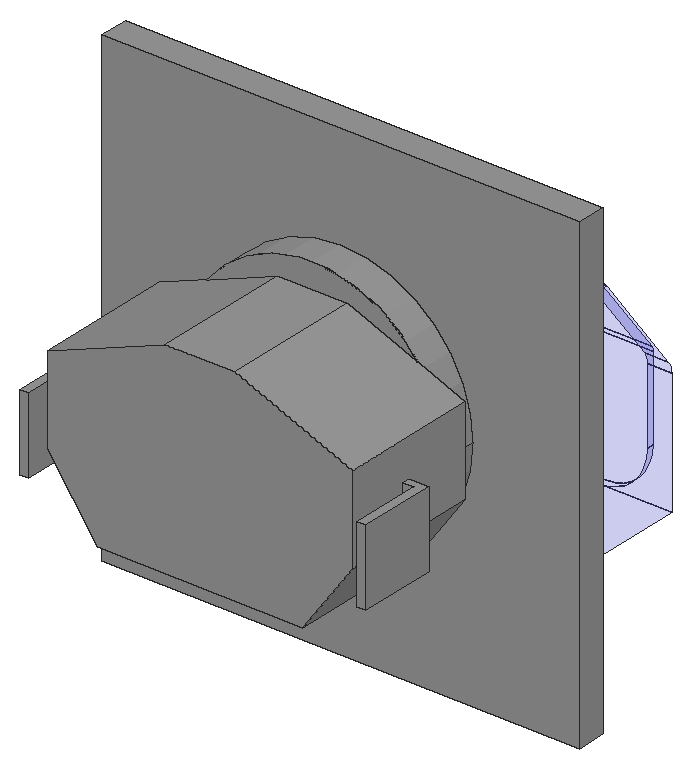
Revit family "IEK_РозеткаСетевая_Встраиваемая_С ЗК ЗШ и Кр16А одноместная IP44_ВЕГА", category Электрические приборы, Revit 2019
Family settings
  Сохранять ориентацию аннотаций = Да
  Размер круглого соединителя = Использовать диаметр
  Тип детали = Нормальный
  На основе рабочей плоскости = Нет
  Всегда вертикально = Да
  При загрузке вырезать с полостями = Нет
  Общий = Нет
  Точка расчета площади = Нет
Parameters (values of type "РСбш10-3-ВБ")
  Ширина = 81.5 mm  # constant formula
  Тип монтажа = "Скрытый монтаж (в штукатурку)"  # constant formula
  Степень защиты = "IP44"  # constant formula
  Изготовитель = "IEK"  # constant formula
  Дата изменения = ""
  Глубина = 53.3 mm  # constant formula
  Высота = 81 mm  # constant formula
  ΔХ [instance] = 2000 mm
  ΔY [instance] = 2000 mm
  KSI_CPr_Строительные изделия = "20.4.03.04 20.4.03.05 20.4.03.06"  # constant formula
  KSI_CMa_Строительные материалы = "01.7.14.03"  # constant formula
  IEK_Цена за единицу = 179.74
  IEK_Поиск в таблице имен = ""
  IEK_Описание = "Электроустановочные изделия серии \"ВЕГА\" IEK включают в себя розетки и выключатели для скрытого монтажа, которые хорошо впишутся в любой интерьер квартир, загородных домов, офисных и производственных помещений."
  IEK_URL = "https://www.iek.ru/products/catalog/izdeliya_elektroustanovochnye_udliniteli_i_silovye_razemy/elektroustanovochnye_izdeliya/elektroustanovochnye_izdeliya_skrytogo_montazha/elektroustanovochnye_izdeliya_vega/rozetka_1_mestnaya_rsbsh10_3_vb_s_zazemlyayushchim_kontaktom_s_zashchitnoy_shtorkoy_i_kryshkoy_16a_ip44_vega_belyy_iek"
  ADSK_Ток [instance] = 16 A
  ADSK_Примечание = ""
  ADSK_Полная мощность [instance] = ADSK_Номинальная мощность / ADSK_Коэффициент мощности  # 3520 VA
  ADSK_Позиция [instance] = ""
  ADSK_Номинальная мощность [instance] = ADSK_Ток * ADSK_Напряжение * sqrt(ADSK_Количество фаз числовое) * ADSK_Коэффициент мощности  # 3520 W
  ADSK_Напряжение = 220 V
  ADSK_Наименование = "Розетка 1-местная РСбш10-3-ВБ с заземляющим контактом с защитной шторкой и крышкой 16А IP44 ВЕГА белый IEK"
  ADSK_Материал обозначение = ""
  ADSK_Материал наименование = "Пластик"  # constant formula
  ADSK_Материал = Цвет белый
  ADSK_Масса = 0.065
  ADSK_Марка = "ВЕГА"  # constant formula
  ADSK_Коэффициент мощности [instance] = 1  # constant formula
  ADSK_Количество фаз числовое = 1
  ADSK_Количество фаз = 1
  ADSK_Код изделия = "ERV16-K01-16-DM"
  ADSK_Классификация нагрузок [instance] = Прочее
  ADSK_Завод-изготовитель = "IEK"  # constant formula
  ADSK_Единица измерения = "шт"  # constant formula
  ADSK_Группирование = "III ЭЛЕКТРОУСТАНОВОЧНЫЕ И ЭЛЕКТРОМОНТАЖНЫЕ ИЗДЕЛИЯ"  # constant formula
  ADSK_Версия семейства = "1.0"  # constant formula
  ADSK_Версия Revit = "2019"  # constant formula
  ADSK_URL страницы изделия = "https://www.iek.ru/products/catalog/izdeliya_elektroustanovochnye_udliniteli_i_silovye_razemy/elektroustanovochnye_izdeliya/elektroustanovochnye_izdeliya_skrytogo_montazha/elektroustanovochnye_izdeliya_vega/?pagec=100"
Reference planes
  plane 1 "По центру (Вперед/Назад)": y = 0
  plane 2: z = 0
  plane 3 "По центру (Влево/Вправо)": x = 0
  plane 4 "Высота ножек": z = 280
  plane 5 "Высота": z = 2081.496
  plane 6: x = -2000
  plane 7: y = 2000
Forms (mm)
  Extrusion 1, solid, material "Цвет белый" <- "ADSK_Материал", detail levels fine
    sketch origin (0, 0, 40.25) x (-1, 0, 0) y (0, 0, 1)
      loop
        line (-17.5, -16.75) -> (17.5, -16.75) -> (26, -4.75) -> (26, 10.25) -> (6, 18.25) -> (-6, 18.25) -> (-26, 10.25) -> (-26, -4.75) -> (-17.5, -16.75)
    from -6 to -30
  Extrusion 2, solid, material "Цвет белый" <- "ADSK_Материал", detail levels fine
    sketch origin (0, 0, 40.25) x (-1, 0, 0) y (0, 0, 1)
      loop
        line (-40.75, 40.25) -> (-40.75, -40.25) -> (40.75, -40.25) -> (40.75, 40.25) -> (-40.75, 40.25)
    from 0 to 14.038
  Revolve 3, solid, material "Цвет белый" <- "ADSK_Материал", detail levels fine
    sketch origin (0, 0, 40.25) x (0, 0, 1) y (0, 1, 0)
      loop
        line (19.023, -3.016) -> (21.005, -3.016) -> (21.005, 13.189)
        arc (21.005, 13.189) -> (20.014, 14.18) -> (19.023, 13.189) r 0.991
        line (19.023, 13.189) -> (19.023, -3.016)
      axis (0, 13.189) -> (0, -3.016)
    angle from 0 to 360
  Extrusion 4, void
    sketch origin (0, 0, 40.25) x (-1, 0, 0) y (0, 0, 1)
      loop
        circle (0, 0) r 19.023
    from -3.016 to 18.875
  Extrusion 5, void
    sketch origin (0, 0, 40.25) x (-1, 0, 0) y (0, 0, 1)
      loop
        circle (9.491, 0) r 2.768
      loop
        circle (-9.491, 0) r 2.768
      loop
        circle (0, 0) r 2.768
    from 10.491 to -16
  Extrusion 6, void
    sketch origin (-0.786, 0, 40.25) x (0, 0, -1) y (0, -1, 0)
      loop
        spline (40.25, -5) -> (38.349, -6.53) -> (36.302, -7.861) -> (34.142, -9.01) -> (31.901, -9.995) -> (29.61, -10.832) -> (27.303, -11.54) -> (25.011, -12.136) -> (22.767, -12.637) -> (20.603, -13.06) -> (18.551, -13.423) -> (16.643, -13.743) -> (14.912, -14.038)
        line (14.912, -14.038) -> (11.84, -14.038) -> (11.84, -18.875) -> (40.25, -18.875) -> (40.25, -5)
    from -55.184 to 53.611
  Extrusion 7, void
    sketch origin (-0.786, 0, 40.25) x (0, 0, 1) y (0, 1, 0)
      loop
        line (40.25, 5) -> (40.25, 18.875) -> (11.84, 18.875) -> (11.84, 14.038) -> (14.912, 14.038)
        spline (14.912, 14.038) -> (16.643, 13.743) -> (18.551, 13.423) -> (20.603, 13.06) -> (22.767, 12.637) -> (25.011, 12.136) -> (27.303, 11.54) -> (29.61, 10.832) -> (31.901, 9.995) -> (34.142, 9.01) -> (36.302, 7.861) -> (38.349, 6.53) -> (40.25, 5)
    from -55.184 to 53.611
  Extrusion 8, solid, material "Латунь", detail levels fine
    sketch origin (0, 0, 40.25) x (0, 0, 1) y (0, 1, 0)
      loop
        line (-19.235, -3.503) -> (-18.583, -3.052) -> (-14.622, 5.441)
        arc (-14.622, 5.441) -> (-14.418, 6.769) -> (-14.959, 7.998) r 2.4
        line (-14.959, 7.998) -> (-17.051, 10.491) -> (-18, 11) -> (-15.265, 7.741)
        arc (-15.265, 7.741) -> (-14.815, 6.717) -> (-14.985, 5.61) r 2
        line (-14.985, 5.61) -> (-19.235, -3.503)
      loop
        line (19.235, -3.503) -> (14.985, 5.61)
        arc (14.985, 5.61) -> (14.815, 6.717) -> (15.265, 7.741) r 2
        line (15.265, 7.741) -> (18, 11) -> (17.051, 10.491) -> (14.959, 7.998)
        arc (14.959, 7.998) -> (14.418, 6.769) -> (14.622, 5.441) r 2.4
        line (14.622, 5.441) -> (18.583, -3.052) -> (19.235, -3.503)
    from -1 to 1
  Extrusion 9, solid, material "Цвет белый" <- "ADSK_Материал", detail levels fine
    sketch origin (0, 0, 40.25) x (-1, 0, 0) y (0, 0, 1)
      loop
        circle (0, 0) r 22.477
    from 0.604 to -6
  Extrusion 10, solid, material "Цвет белый" <- "ADSK_Материал", detail levels fine
    sketch origin (0, 0, 40.25) x (-1, 0, 0) y (0, 0, 1)
      loop
        line (-28.5, 24.5) -> (-28.5, 20.2) -> (-24.5, 20.2) -> (-24.5, 24.5) -> (-28.5, 24.5)
      loop
        line (24.5, 24.5) -> (24.5, 20.2) -> (28.5, 20.2) -> (28.5, 24.5) -> (24.5, 24.5)
    from 10.491 to 15.5
  Extrusion 11, solid, material "Цвет белый" <- "ADSK_Материал", detail levels fine
    sketch origin (0, 0, 40.25) x (0, 1, 0) y (-1, 0, 0)
      loop
        line (-31.5, -28) -> (-31.5, -29.5) -> (-18, -29.5) -> (-18, -26) -> (-19.5, -26) -> (-19.5, -28) -> (-31.5, -28)
      loop
        line (-31.5, 29.5) -> (-31.5, 28) -> (-19.5, 28) -> (-19.5, 26) -> (-18, 26) -> (-18, 29.5) -> (-31.5, 29.5)
    from -9.25 to 3.75
  Extrusion 12, void
    sketch origin (0.536, 0, 41.389) x (1, 0, 0) y (0, 1, 0)
      loop
        line (40.25, 5) -> (40.25, 18.875) -> (11.84, 18.875) -> (11.84, 14.038) -> (14.912, 14.038)
        spline (14.912, 14.038) -> (16.643, 13.743) -> (18.551, 13.423) -> (20.603, 13.06) -> (22.767, 12.637) -> (25.011, 12.136) -> (27.303, 11.54) -> (29.61, 10.832) -> (31.901, 9.995) -> (34.142, 9.01) -> (36.302, 7.861) -> (38.349, 6.53) -> (40.25, 5)
      loop
        spline (-41.322, 5) -> (-39.421, 6.53) -> (-37.374, 7.861) -> (-35.214, 9.01) -> (-32.973, 9.995) -> (-30.683, 10.832) -> (-28.375, 11.54) -> (-26.084, 12.136) -> (-23.84, 12.637) -> (-21.675, 13.06) -> (-19.623, 13.423) -> (-17.715, 13.743) -> (-15.984, 14.038)
        line (-15.984, 14.038) -> (-12.913, 14.038) -> (-12.913, 18.875) -> (-41.322, 18.875) -> (-41.322, 5)
    from -55.184 to 53.611
  Extrusion 13, void
    sketch origin (0, 0, 0) x (1, 0, 0) y (0, 0, 1)
      loop
        line (-24.3, 64.75) -> (-24.3, 59.75) -> (-28.5, 59.75) -> (-28.5, 16.25) -> (-10, 16.25) -> (28.5, 16.25) -> (28.5, 59.75) -> (24.3, 59.75) -> (24.3, 64.75) -> (-24.3, 64.75)
    from -10.491 to -39.95
  Extrusion 14, solid, material "Стекло", detail levels fine
    sketch origin (0, 0, 0) x (1, 0, 0) y (0, 0, 1)
      loop
        line (-24.3, 64.75) -> (-24.3, 59.75) -> (-28.5, 59.75) -> (-28.5, 16.25) -> (-10, 16.25)
        arc (-10, 16.25) -> (0, 12.765) -> (10, 16.25) r 16.089
        line (10, 16.25) -> (28.5, 16.25) -> (28.5, 59.75) -> (24.3, 59.75) -> (24.3, 64.75) -> (-24.3, 64.75)
    from -10.491 to -37.5
  Extrusion 15, void
    sketch origin (0, 0, 0) x (0, 1, 0) y (0, 0, 1)
      loop
        line (17.816, 63.893) -> (36.202, 39.707)
        arc (36.202, 39.707) -> (36.414, 39.307) -> (36.488, 38.86) r 1.399
        line (36.488, 38.86) -> (36.488, 16.25) -> (37.5, 12.765) -> (37.5, 64.75) -> (16.088, 64.75)
        arc (16.088, 64.75) -> (17.052, 64.524) -> (17.816, 63.893) r 2.17
      loop
        line (34.282, 16.25) -> (10.491, 16.25) -> (10.491, 12.765) -> (37.006, 12.765) -> (35.994, 16.25) -> (34.282, 16.25)
    from -32.141 to 31.911
  Extrusion 16, void
    sketch origin (0, 0, 0) x (0, 1, 0) y (0, 0, 1)
      loop
        line (12.423, 59.75) -> (17.32, 59.235)
        arc (17.32, 59.235) -> (19.601, 58.505) -> (21.401, 56.926) r 5.88
        line (21.401, 56.926) -> (34.501, 39.542)
        arc (34.501, 39.542) -> (34.987, 38.618) -> (35.155, 37.588) r 3.247
        line (35.155, 37.588) -> (35.155, 18.674) -> (35.155, 16.25) -> (36.488, 16.25) -> (36.488, 38.86)
        arc (36.488, 38.86) -> (36.414, 39.307) -> (36.202, 39.707) r 1.399
        line (36.202, 39.707) -> (20.965, 59.75) -> (12.423, 59.75)
    from 24.3 to 31.13
  Extrusion 17, void
    sketch origin (0, 0, 0) x (0, 1, 0) y (0, 0, -1)
      loop
        line (12.423, -59.75) -> (20.965, -59.75) -> (36.202, -39.707)
        arc (36.202, -39.707) -> (36.414, -39.307) -> (36.488, -38.86) r 1.399
        line (36.488, -38.86) -> (36.488, -16.25) -> (35.155, -16.25) -> (35.155, -18.674) -> (35.155, -37.588)
        arc (35.155, -37.588) -> (34.987, -38.618) -> (34.501, -39.542) r 3.247
        line (34.501, -39.542) -> (21.401, -56.926)
        arc (21.401, -56.926) -> (19.601, -58.505) -> (17.32, -59.235) r 5.88
        line (17.32, -59.235) -> (12.423, -59.75)
    from 24.3 to 31.13
  Extrusion 18, void
    sketch origin (0, 0, 0) x (1, 0, 0) y (0, 0, 1)
      loop
        line (15.924, 16.25) -> (15.924, 12.765) -> (28.5, 12.765) -> (28.5, 24.626) -> (24.3, 24.626)
        arc (24.3, 24.626) -> (21.847, 18.703) -> (15.924, 16.25) r 8.376
      loop
        arc (-15.924, 16.25) -> (-21.847, 18.703) -> (-24.3, 24.626) r 8.376
        line (-24.3, 24.626) -> (-28.5, 24.626) -> (-28.5, 12.765) -> (-15.924, 12.765) -> (-15.924, 16.25)
    from -35.155 to -44.647
  Extrusion 19, solid, material "По умолчанию", detail levels coarse
    sketch origin (0, 0, 0) x (1, 0, 0) y (0, 1, 0)
      loop
        line (40.75, -31.5) -> (40.75, 37.5) -> (-40.75, 37.5) -> (-40.75, -31.5) -> (40.75, -31.5)
    from 0 to 81
  Extrusion 20, solid, material "По умолчанию", detail levels medium
    sketch origin (0, 0, 0) x (1, 0, 0) y (0, 1, 0)
      loop
        line (-40.75, 37.5) -> (-40.75, -31.5) -> (40.75, -31.5) -> (40.75, 37.5) -> (-40.75, 37.5)
    from 0 to 81
  Extrusion 21, solid, material "Цвет металл", detail levels fine
    sketch origin (0, 0, 0) x (1, 0, 0) y (0, 0, 1)
      loop
        circle (0, 40.25) r 2.471
    from 6 to 0
  Extrusion 22, void
    sketch origin (0, 0, 0) x (1, 0, 0) y (0, 0, 1)
      loop
        arc (0.826, 42.579) -> (0, 42.721) -> (-0.826, 42.579) r 2.471
        line (-0.826, 42.579) -> (-0.826, 41.023) -> (-2.347, 41.023)
        arc (-2.347, 41.023) -> (-2.471, 40.25) -> (-2.347, 39.477) r 2.471
        line (-2.347, 39.477) -> (-0.826, 39.477) -> (-0.826, 37.921)
        arc (-0.826, 37.921) -> (0, 37.779) -> (0.826, 37.921) r 2.471
        line (0.826, 37.921) -> (0.826, 39.477) -> (2.347, 39.477)
        arc (2.347, 39.477) -> (2.471, 40.25) -> (2.347, 41.023) r 2.471
        line (2.347, 41.023) -> (0.826, 41.023) -> (0.826, 42.579)
    from 0.798 to -2.927
Cuts and joins
  Extrusion 4, Extrusion 5, Extrusion 6, Extrusion 7, Extrusion 12, Extrusion 13, Extrusion 18 cuts Extrusion 2
  Extrusion 5, Extrusion 13, Extrusion 22 cuts Extrusion 1
  Extrusion 5, Extrusion 16 cuts Revolve 3
  Extrusion 5, Extrusion 13 cuts Extrusion 9
  Extrusion 13 cuts Extrusion 8
  Extrusion 13 cuts Extrusion 11
  Extrusion 15, Extrusion 16, Extrusion 17, Extrusion 18 cuts Extrusion 14
  Extrusion 22 cuts Extrusion 19
  Extrusion 22 cuts Extrusion 20
  Extrusion 22 cuts Extrusion 21
Lines and regions (mm)
  reference lines
    curve 1: line (0, 44.647, 0) -> (0, -55.353, 0)
    curve 2: line (-23.829, 0, 0) -> (76.171, 0, 0)
Dimensions and locks
  locked: plane 4 "Высота ножек" to plane 2 at 280
  plane 5 "Высота" to plane 4 "Высота ножек" = 1801.496 mm
  "ΔХ": plane 6 to curve 1
  "ΔY": plane 7 to curve 2
  aligned and locked: level to plane 2
  aligned and locked: nested 1 to curve 1
  aligned and locked: curve 2 to nested 1
Automatic sketch dimensions
  plane 3 "По центру (Влево/Вправо)" to Extrusion 1 sketch curve = 26 mm
  Extrusion 1 sketch curve to Extrusion 1 sketch curve = 8.5 mm
  plane 3 "По центру (Влево/Вправо)" to Extrusion 1 sketch curve = 6 mm
  Extrusion 1 sketch curve to plane 3 "По центру (Влево/Вправо)" = 6 mm
  Extrusion 1 sketch curve to plane 3 "По центру (Влево/Вправо)" = 17.5 mm
  Extrusion 1 sketch curve to Extrusion 1 sketch curve = 20 mm
  level to Extrusion 1 sketch curve = 23.5 mm
  Extrusion 1 sketch curve to Extrusion 1 sketch curve = 12 mm  (x2)
  Extrusion 1 sketch curve to Extrusion 1 sketch curve = 15 mm  (x2)
  Extrusion 1 sketch curve to Extrusion 1 sketch curve = 8 mm
  Extrusion 2 sketch curve to level = 0 mm
  plane 3 "По центру (Влево/Вправо)" to Extrusion 2 sketch curve = 40.75 mm
  Extrusion 2 sketch curve to plane 3 "По центру (Влево/Вправо)" = 40.75 mm
  level to Extrusion 2 sketch curve = 80.5 mm
  Revolve 3 sketch curve to plane 1 "По центру (Вперед/Назад)" = 13.189 mm
  level to Revolve 3 sketch curve = 59.273 mm
  Revolve 3 sketch curve to Revolve 3 sketch curve = 0.991 mm
  plane 1 "По центру (Вперед/Назад)" to Revolve 3 sketch curve = 3.016 mm
  level to Revolve 3 sketch curve = 40.25 mm
  Revolve 3 sketch curve to Revolve 3 sketch curve = 606.584 mm
  plane 7 to Revolve 3 sketch curve = 343.807 mm
  Extrusion 4 sketch curve to plane 3 "По центру (Влево/Вправо)" = 0 mm
  level to Extrusion 4 sketch curve = 40.25 mm
  Extrusion 6 sketch curve to level = 0 mm
  level to Extrusion 6 sketch curve = 25.338 mm
  Extrusion 6 sketch curve to Extrusion 6 sketch curve = 3.071 mm
  Extrusion 6 sketch curve to plane 1 "По центру (Вперед/Назад)" = 18.875 mm
  Extrusion 6 sketch curve to Extrusion 6 sketch curve = 4.837 mm
  Extrusion 6 sketch curve to plane 1 "По центру (Вперед/Назад)" = 5 mm
  Extrusion 7 sketch curve to plane 1 "По центру (Вперед/Назад)" = 18.875 mm
  level to Extrusion 7 sketch curve = 52.09 mm
  Extrusion 7 sketch curve to plane 1 "По центру (Вперед/Назад)" = 14.038 mm
  Extrusion 7 sketch curve to Extrusion 7 sketch curve = 3.071 mm
  Extrusion 7 sketch curve to plane 1 "По центру (Вперед/Назад)" = 5 mm
  Extrusion 7 sketch curve to Extrusion 7 sketch curve = 25.338 mm
  Extrusion 8 sketch curve to Extrusion 8 sketch curve = 0 mm  (x4)
  plane 1 "По центру (Вперед/Назад)" to Extrusion 8 sketch curve = 3.503 mm  (x2)
  level to Extrusion 8 sketch curve = 21.015 mm
  plane 1 "По центру (Вперед/Назад)" to Extrusion 8 sketch curve = 3.052 mm  (x2)
  Extrusion 8 sketch curve to Extrusion 8 sketch curve = 0.652 mm  (x2)
  Extrusion 8 sketch curve to plane 1 "По центру (Вперед/Назад)" = 11 mm  (x2)
  Extrusion 8 sketch curve to Extrusion 8 sketch curve = 0.583 mm
  Extrusion 8 sketch curve to plane 1 "По центру (Вперед/Назад)" = 10.491 mm  (x2)
  Extrusion 8 sketch curve to Extrusion 8 sketch curve = 0.949 mm  (x2)
  Extrusion 8 sketch curve to Extrusion 8 sketch curve = 0.253 mm
  Extrusion 8 sketch curve to plane 1 "По центру (Вперед/Назад)" = 7.741 mm  (x2)
  Extrusion 8 sketch curve to Extrusion 8 sketch curve = 1.532 mm  (x2)
  Extrusion 8 sketch curve to plane 1 "По центру (Вперед/Назад)" = 5.61 mm  (x2)
  Extrusion 8 sketch curve to Extrusion 8 sketch curve = 1.813 mm
  Extrusion 8 sketch curve to plane 1 "По центру (Вперед/Назад)" = 7.998 mm  (x2)
  Extrusion 8 sketch curve to Extrusion 8 sketch curve = 0.306 mm
  Extrusion 8 sketch curve to plane 1 "По центру (Вперед/Назад)" = 5.441 mm  (x2)
  Extrusion 8 sketch curve to Extrusion 8 sketch curve = 29.245 mm
  Extrusion 8 sketch curve to Extrusion 8 sketch curve = 0.337 mm
  Extrusion 8 sketch curve to Extrusion 8 sketch curve = 0.363 mm
  Extrusion 8 sketch curve to Extrusion 8 sketch curve = 2.092 mm
  Extrusion 8 sketch curve to Extrusion 8 sketch curve = 3.96 mm
  Extrusion 9 sketch curve to plane 3 "По центру (Влево/Вправо)" = 0 mm
  level to Extrusion 9 sketch curve = 40.25 mm
  plane 3 "По центру (Влево/Вправо)" to Extrusion 10 sketch curve = 28.5 mm
  Extrusion 10 sketch curve to Extrusion 10 sketch curve = 4 mm  (x2)
  Extrusion 10 sketch curve to plane 3 "По центру (Влево/Вправо)" = 24.5 mm
  level to Extrusion 10 sketch curve = 60.45 mm
  Extrusion 10 sketch curve to Extrusion 10 sketch curve = 0 mm
  Extrusion 10 sketch curve to Extrusion 10 sketch curve = 4.3 mm  (x2)
  plane 1 "По центру (Вперед/Назад)" to Extrusion 11 sketch curve = 31.5 mm  (x2)
  Extrusion 11 sketch curve to Extrusion 11 sketch curve = 12 mm  (x2)
  Extrusion 11 sketch curve to Extrusion 11 sketch curve = 1.5 mm  (x4)
  plane 3 "По центру (Влево/Вправо)" to Extrusion 11 sketch curve = 29.5 mm
  Extrusion 11 sketch curve to Extrusion 11 sketch curve = 2 mm  (x2)
  Extrusion 11 sketch curve to plane 3 "По центру (Влево/Вправо)" = 26 mm
  Extrusion 12 sketch curve to plane 1 "По центру (Вперед/Назад)" = 18.875 mm
  Extrusion 12 sketch curve to plane 3 "По центру (Влево/Вправо)" = 40.786 mm
  Extrusion 12 sketch curve to plane 3 "По центру (Влево/Вправо)" = 15.448 mm
  Extrusion 12 sketch curve to Extrusion 12 sketch curve = 3.071 mm  (x2)
  plane 3 "По центру (Влево/Вправо)" to Extrusion 12 sketch curve = 12.377 mm
  Extrusion 12 sketch curve to Extrusion 12 sketch curve = 25.338 mm
  Extrusion 12 sketch curve to Extrusion 12 sketch curve = 4.837 mm
  Extrusion 12 sketch curve to plane 1 "По центру (Вперед/Назад)" = 14.038 mm
  Extrusion 12 sketch curve to plane 1 "По центру (Вперед/Назад)" = 5 mm  (x2)
  Extrusion 12 sketch curve to Extrusion 12 sketch curve = 13.875 mm
  Extrusion 13 sketch curve to plane 3 "По центру (Влево/Вправо)" = 28.5 mm
  Extrusion 13 sketch curve to Extrusion 13 sketch curve = 4.2 mm  (x2)
  Extrusion 13 sketch curve to plane 3 "По центру (Влево/Вправо)" = 10 mm
  plane 3 "По центру (Влево/Вправо)" to Extrusion 13 sketch curve = 24.3 mm
  level to Extrusion 13 sketch curve = 16.25 mm
  Extrusion 13 sketch curve to Extrusion 13 sketch curve = 43.5 mm  (x2)
  Extrusion 13 sketch curve to Extrusion 13 sketch curve = 5 mm
  Extrusion 14 sketch curve to plane 3 "По центру (Влево/Вправо)" = 0 mm
  Extrusion 14 sketch curve to plane 3 "По центру (Влево/Вправо)" = 10 mm
  Extrusion 14 sketch curve to plane 3 "По центру (Влево/Вправо)" = 24.3 mm
  Extrusion 14 sketch curve to Extrusion 14 sketch curve = 18.5 mm  (x2)
  plane 3 "По центру (Влево/Вправо)" to Extrusion 14 sketch curve = 10 mm
  plane 3 "По центру (Влево/Вправо)" to Extrusion 14 sketch curve = 24.3 mm
  level to Extrusion 14 sketch curve = 16.25 mm
  Extrusion 14 sketch curve to Extrusion 14 sketch curve = 12.604 mm
  Extrusion 14 sketch curve to Extrusion 14 sketch curve = 30.896 mm  (x2)
  Extrusion 14 sketch curve to Extrusion 14 sketch curve = 5 mm
  Extrusion 15 sketch curve to plane 1 "По центру (Вперед/Назад)" = 10.491 mm
  Extrusion 15 sketch curve to plane 1 "По центру (Вперед/Назад)" = 16.088 mm
  Extrusion 15 sketch curve to Extrusion 15 sketch curve = 1.727 mm
  Extrusion 15 sketch curve to Extrusion 15 sketch curve = 23.79 mm
  Extrusion 15 sketch curve to Extrusion 15 sketch curve = 0.807 mm
  level to Extrusion 15 sketch curve = 16.25 mm  (x2)
  Extrusion 15 sketch curve to Extrusion 15 sketch curve = 1.712 mm
  Extrusion 15 sketch curve to Extrusion 15 sketch curve = 1.114 mm
  Extrusion 15 sketch curve to Extrusion 15 sketch curve = 0.494 mm
  level to Extrusion 15 sketch curve = 12.765 mm
  Extrusion 15 sketch curve to Extrusion 15 sketch curve = 0.518 mm
  Extrusion 15 sketch curve to Extrusion 15 sketch curve = 19.684 mm
  Extrusion 15 sketch curve to Extrusion 15 sketch curve = 0 mm
  Extrusion 15 sketch curve to Extrusion 15 sketch curve = 22.61 mm
  Extrusion 15 sketch curve to Extrusion 15 sketch curve = 23.72 mm
  Extrusion 15 sketch curve to Extrusion 15 sketch curve = 1.313 mm
  Extrusion 16 sketch curve to plane 1 "По центру (Вперед/Назад)" = 12.423 mm
  Extrusion 16 sketch curve to Extrusion 16 sketch curve = 4.282 mm
  Extrusion 16 sketch curve to Extrusion 16 sketch curve = 4.897 mm
  Extrusion 16 sketch curve to Extrusion 16 sketch curve = 3.645 mm
  Extrusion 16 sketch curve to Extrusion 16 sketch curve = 0.436 mm
  Extrusion 16 sketch curve to Extrusion 16 sketch curve = 15.202 mm
  Extrusion 16 sketch curve to Extrusion 16 sketch curve = 2.594 mm
  Extrusion 16 sketch curve to Extrusion 16 sketch curve = 0.588 mm
  Extrusion 16 sketch curve to Extrusion 16 sketch curve = 3.247 mm
  Extrusion 16 sketch curve to Extrusion 16 sketch curve = 1.114 mm
  Extrusion 16 sketch curve to Extrusion 16 sketch curve = 0.285 mm
  level to Extrusion 16 sketch curve = 16.25 mm
  Extrusion 16 sketch curve to Extrusion 16 sketch curve = 2.424 mm
  Extrusion 16 sketch curve to Extrusion 16 sketch curve = 18.913 mm
  Extrusion 16 sketch curve to Extrusion 16 sketch curve = 0.682 mm
  Extrusion 16 sketch curve to Extrusion 16 sketch curve = 15.8 mm
  Extrusion 16 sketch curve to Extrusion 16 sketch curve = 3.538 mm
  Extrusion 16 sketch curve to Extrusion 16 sketch curve = 2.824 mm
  Extrusion 17 sketch curve to plane 1 "По центру (Вперед/Назад)" = 12.423 mm
  Extrusion 17 sketch curve to Extrusion 17 sketch curve = 4.282 mm
  Extrusion 17 sketch curve to Extrusion 17 sketch curve = 4.897 mm
  Extrusion 17 sketch curve to Extrusion 17 sketch curve = 3.645 mm
  Extrusion 17 sketch curve to Extrusion 17 sketch curve = 0.436 mm
  Extrusion 17 sketch curve to Extrusion 17 sketch curve = 15.202 mm
  Extrusion 17 sketch curve to Extrusion 17 sketch curve = 2.594 mm
  Extrusion 17 sketch curve to Extrusion 17 sketch curve = 0.588 mm
  Extrusion 17 sketch curve to Extrusion 17 sketch curve = 3.247 mm
  Extrusion 17 sketch curve to Extrusion 17 sketch curve = 1.114 mm
  Extrusion 17 sketch curve to Extrusion 17 sketch curve = 0.285 mm
  level to Extrusion 17 sketch curve = 59.75 mm
  Extrusion 17 sketch curve to Extrusion 17 sketch curve = 0.515 mm
  Extrusion 17 sketch curve to Extrusion 17 sketch curve = 2.824 mm
  Extrusion 17 sketch curve to Extrusion 17 sketch curve = 17.22 mm
  Extrusion 17 sketch curve to Extrusion 17 sketch curve = 0.682 mm
  level to Extrusion 17 sketch curve = 18.674 mm
  Extrusion 17 sketch curve to Extrusion 17 sketch curve = 2.424 mm
  Extrusion 18 sketch curve to plane 3 "По центру (Влево/Вправо)" = 24.3 mm
  Extrusion 18 sketch curve to Extrusion 18 sketch curve = 8.376 mm  (x2)
  plane 3 "По центру (Влево/Вправо)" to Extrusion 18 sketch curve = 15.924 mm
  Extrusion 18 sketch curve to Extrusion 18 sketch curve = 4.2 mm  (x2)
  level to Extrusion 18 sketch curve = 12.765 mm  (x2)
  Extrusion 18 sketch curve to Extrusion 18 sketch curve = 3.485 mm  (x2)
  Extrusion 19 sketch curve to plane 3 "По центру (Влево/Вправо)" = 40.75 mm
  plane 3 "По центру (Влево/Вправо)" to Extrusion 19 sketch curve = 40.75 mm
  plane 1 "По центру (Вперед/Назад)" to Extrusion 19 sketch curve = 31.5 mm
  Extrusion 19 sketch curve to plane 1 "По центру (Вперед/Назад)" = 37.5 mm
  Extrusion 20 sketch curve to plane 3 "По центру (Влево/Вправо)" = 40.75 mm
  plane 3 "По центру (Влево/Вправо)" to Extrusion 20 sketch curve = 40.75 mm
  plane 1 "По центру (Вперед/Назад)" to Extrusion 20 sketch curve = 31.5 mm
  Extrusion 20 sketch curve to plane 1 "По центру (Вперед/Назад)" = 37.5 mm
  Extrusion 5 sketch curve to plane 3 "По центру (Влево/Вправо)" = 0 mm
  plane 3 "По центру (Влево/Вправо)" to Extrusion 5 sketch curve = 9.491 mm
  Extrusion 5 sketch curve to plane 3 "По центру (Влево/Вправо)" = 9.491 mm
  level to Extrusion 5 sketch curve = 40.25 mm
  Extrusion 5 sketch curve to Extrusion 5 sketch curve = 0 mm  (x2)
  Extrusion 21 sketch curve to plane 3 "По центру (Влево/Вправо)" = 0 mm
  level to Extrusion 21 sketch curve = 40.25 mm
  Extrusion 22 sketch curve to Extrusion 22 sketch curve = 0 mm  (x7)
  Extrusion 22 sketch curve to plane 3 "По центру (Влево/Вправо)" = 0 mm
  Extrusion 22 sketch curve to plane 3 "По центру (Влево/Вправо)" = 0.826 mm  (x2)
  Extrusion 22 sketch curve to Extrusion 22 sketch curve = 1.521 mm  (x4)
  plane 3 "По центру (Влево/Вправо)" to Extrusion 22 sketch curve = 0.826 mm  (x2)
  level to Extrusion 22 sketch curve = 39.477 mm
  Extrusion 22 sketch curve to Extrusion 22 sketch curve = 0.773 mm
  Extrusion 22 sketch curve to Extrusion 22 sketch curve = 1.556 mm  (x2)
  curve 2 to plane 3 "По центру (Влево/Вправо)" = 23.829 mm
  plane 3 "По центру (Влево/Вправо)" to curve 2 = 76.171 mm
  plane 1 "По центру (Вперед/Назад)" to curve 1 = 55.353 mm
  curve 1 to plane 1 "По центру (Вперед/Назад)" = 44.647 mm
  radius of Extrusion 4 sketch curve = 19.023 mm
  radius of Extrusion 9 sketch curve = 22.477 mm
  radius of Extrusion 5 sketch curve = 2.768 mm  (x3)
  radius of Extrusion 21 sketch curve = 2.471 mm
Nested families
  nested 1: "УГО Розетки" at (0, 0, 0), type "2PE-C", detail levels coarse+medium
    with Количество в блоке "", Блок розеток no, IP44 yes
Connectors
  electrical at (0, 3, 0), driven by "ADSK_Количество фаз", driven by "ADSK_Классификация нагрузок", driven by "ADSK_Напряжение", driven by "ADSK_Полная мощность", driven by "ADSK_Коэффициент мощности"
    settings: on Extrusion 19, index 1, voltage 220 V, apparent load 0 VA, apparent load phase1 3520 VA, apparent load phase2 0 VA, apparent load phase3 0 VA, power factor 1, load classification "Прочее", number of poles 1, system type 31, power factor state 1, is connector primary yes, connector utility no, sub classification motor no, connector description ""
Definition of nested family "УГО Розетки"
  Parameters (values of type "3PE-O")
    Количество в блоке [instance] = ""
    Блок розеток [instance] = no
    IP44 [instance] = no
    3PE-O = yes
    3PE-C = no
    2PE-O = no
    2PE-C = no
    2P-O = no
    2P-C = no
  Types (6, lengths in mm): name | 3PE-O | 3PE-C | 2PE-O | 2PE-C | 2P-O | 2P-C
    2P-O | no | no | no | no | yes | no
    3PE-O | yes | no | no | no | no | no
    2P-C | no | no | no | no | no | yes
    2PE-C | no | no | no | yes | no | no
    2PE-O | no | no | yes | no | no | no
    3PE-C | no | yes | no | no | no | no
  Reference planes
    plane 1: y = 0
    plane 2: x = 0
  Lines and regions (mm)
    Filled region 1, type "Цветовая область 1", visible <- "IP44"
      outline origin (0, 0, 0) x (1, 0, 0) y (0, 1, 0)
        loop
          line (-2.5, 0) -> (2.5, 0)
          arc (2.5, 0) -> (0, 2.5) -> (-2.5, 0) r 2.5
    Filled region 2, type "Цветовая область 1", visible <- "IP44", not visible
      outline origin (0, 0, 0) x (1, 0, 0) y (0, 1, 0)
        loop
          line (-2.5, 4.664) -> (2.5, 4.664)
          arc (2.5, 4.664) -> (0, 7.164) -> (-2.5, 4.664) r 2.5
    detail lines
      curve 1: line (-2.5, 0, 0) -> (2.5, 0, 0)
      curve 3: line (0, 2.5, 0) -> (0, 5, 0)
      curve 4: arc (-2.5, 0, 0) -> (0, 2.5, 0) -> (2.5, 0, 0) r 2.5
    detail lines, visible <- "3PE-C"
      curve 2: line (0, 0, 0) -> (0, 2.5, 0)
      curve 5: line (-2.5, 2.5, 0) -> (2.5, 2.5, 0)
      curve 17: line (0, 2.5, 0) -> (1.768, 4.268, 0)
      curve 18: line (0, 2.5, 0) -> (-1.768, 4.268, 0)
    detail lines, not visible
      curve 6: line (-2.5, 4.664, 0) -> (2.5, 4.664, 0)
      curve 8: line (0, 7.164, 0) -> (0, 9.664, 0)
      curve 9: arc (-2.5, 4.664, 0) -> (0, 7.164, 0) -> (2.5, 4.664, 0) r 2.5
    detail lines, visible <- "3PE-C", not visible
      curve 7: line (0, 4.664, 0) -> (0, 7.164, 0)
      curve 10: line (-2.5, 7.164, 0) -> (2.5, 7.164, 0)
      curve 23: line (0, 7.164, 0) -> (1.768, 8.932, 0)
      curve 24: line (0, 7.164, 0) -> (-1.768, 8.932, 0)
    detail lines, visible <- "3PE-O"
      curve 11: line (-2.5, 2.5, 0) -> (2.5, 2.5, 0)
      curve 19: line (0, 2.5, 0) -> (1.768, 4.268, 0)
      curve 20: line (0, 2.5, 0) -> (-1.768, 4.268, 0)
    detail lines, visible <- "3PE-O", not visible
      curve 12: line (-2.5, 7.164, 0) -> (2.5, 7.164, 0)
      curve 25: line (0, 7.164, 0) -> (1.768, 8.932, 0)
      curve 26: line (0, 7.164, 0) -> (-1.768, 8.932, 0)
    detail lines, visible <- "2PE-C"
      curve 13: line (0, 0, 0) -> (0, 2.5, 0)
      curve 22: line (-2.5, 2.5, 0) -> (2.5, 2.5, 0)
    detail lines, visible <- "2P-C"
      curve 14: line (0, 0, 0) -> (0, 2.5, 0)
    detail lines, visible <- "2PE-C", not visible
      curve 15: line (0, 4.664, 0) -> (0, 7.164, 0)
      curve 28: line (-2.5, 7.164, 0) -> (2.5, 7.164, 0)
    detail lines, visible <- "2P-C", not visible
      curve 16: line (0, 4.664, 0) -> (0, 7.164, 0)
    detail lines, visible <- "2PE-O"
      curve 21: line (-2.5, 2.5, 0) -> (2.5, 2.5, 0)
    detail lines, visible <- "2PE-O", not visible
      curve 27: line (-2.5, 7.164, 0) -> (2.5, 7.164, 0)
    reference lines
      curve 29: line (100, 9.605, 0) -> (100, -3.971, 0)
  Text (mm)
    label "3" at (1.908, 5.573, 0), shows "Количество в блоке", visible <- "Блок розеток"
    label "3" at (1.908, 10.237, 0), shows "Количество в блоке", visible <- "Блок розеток", not visible
  Dimensions and locks
    aligned and locked: Filled region 1 sketch curve to curve 4
    aligned and locked: Filled region 2 sketch curve to curve 9
